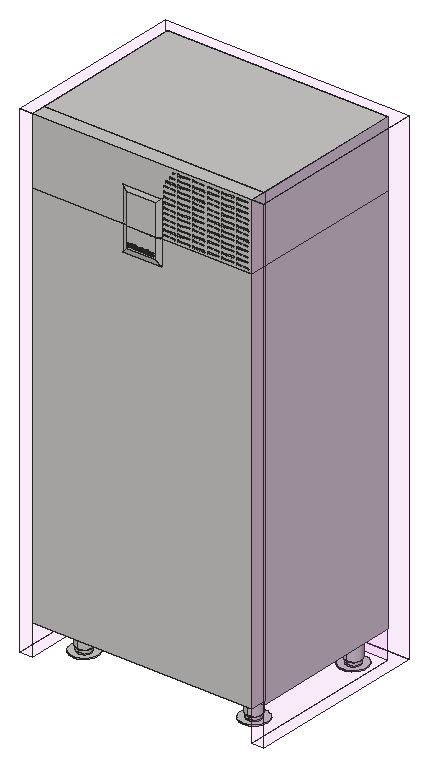
Revit family "QF_ELECTROLUXPROFESSIONAL_691392_PS06R1FMHC", category Specialty Equipment, Revit 2021
Family settings
  Round Connector Dimension = Use Diameter
  Part Type = Normal
  Work Plane-Based = No
  Always vertical = Yes
  Cut with Voids When Loaded = No
  Shared = No
  Room Calculation Point = No
Parameters (values of type "Standard")
  Weight = 140.00 lbm
  Watts = 0 W
  Volts = 220 V
  URL Manufacturer = "http://www.electroluxprofessional.com"
  URL = "http://www.electroluxprofessional.com"
  Steam Supply Size = 0"
  Steam Supply Minimum Pressure = 0.00 psi
  Steam Supply Maximum Pressure = 0.00 psi
  Steam Pounds per Hour = 0
  Show Clearance [instance] = yes
  Refrigeration Suction Line Size = 0"
  Refrigeration Liquid Line Size = 0"
  Refrigerant Compressor Remote = yes
  Phase = 1
  Model = "PS06R1FMHC"
  Manufacturer = "Electrolux Professional"
  Length Actual = 900 mm
  Item Number = "691392"
  Hot Water Size = 0"
  Height Actual = 2040 mm
  HP = "0.4 HP"
  Gas Size = 0"
  Gas KW = 0
  Gas Input Pressure = 0.0 Btu/h
  Direct Waste Size = 0"
  Description = "1-DOOR REFRIGERATOR 720L, 0/+10°, PROSTORE, R290, 50/60HZ, MARINE"
  Depth Actual = 700 mm
  Default Elevation = 0 mm
  Cycle = 50 Hz
  Condensate Return Size = 0"
  Compressed Air Volume = 0 GPM
  Compressed Air Size = 0"
  Compressed Air Pressure = 0.00 psi
  Cold Water Size = 0"
  Accessory = no
Reference planes
  plane 1 "BACK": y = 0
  plane 2: z = 0
  plane 3 "LEFT": x = 0
  plane 4 "RIGHT": x = 900
  plane 5 "FRONT": y = -700
  plane 6 "TOP": z = 2040
  plane 7 "Center Y": x = 450
  plane 8 "Center X": y = -350
  plane 9: x = 102
  plane 10: x = 798
  plane 11: z = 115
  plane 12: z = 86
  plane 13: y = -80
  plane 14: y = -694
  plane 15: y = -1527
  plane 16: y = -630
  plane 17: z = 1770
  plane 18: x = -50
  plane 19: y = 50
  plane 20: x = 950
  plane 21: z = 1995
Forms (mm)
  Extrusion 1, solid, material "QF_Metal - Stainless - Polished"
    sketch origin (0, 0, 0) x (1, 0, 0) y (0, 0, 1)
      loop
        line (0, 1995) -> (0, 1725) -> (900, 1725) -> (900, 1995) -> (0, 1995)
    from 0 to 630
  Extrusion 2, solid, material "QF_Metal - Stainless - Polished"
    sketch origin (0, 0, 0) x (1, 0, 0) y (0, 0, 1)
      loop
        line (0, 1725) -> (0, 115) -> (900, 115) -> (900, 1725) -> (0, 1725)
    from 0 to 630
  Extrusion 3, solid, material "QF_Metal - Stainless - Polished"
    sketch origin (-370, 0, -128) x (1, 0, 0) y (0, 0, 1)
      loop
        circle (450, 1847.083) r 20
    from -7.507 to 0
  Extrusion 4, solid, material "QF_Door-Drawer Clearances", visible <- "Show Clearance", detail levels coarse
    sketch origin (0, 0, 0) x (1, 0, 0) y (0, 1, 0)
      loop
        line (900, -694) -> (0, -694)
        arc (0, -694) -> (275.209, -1299.35) -> (900, -1527) r 859.201
        line (900, -1527) -> (900, -694)
    from 127.536 to 1725
  Extrusion 5, solid, material "QF_Metal - Stainless - Polished"
    sketch origin (0, 130.478, -45) x (1, 0, 0) y (0, 0, 1)
      loop
        line (0, 2040) -> (0, 1770) -> (900, 1770) -> (900, 2040) -> (0, 2040)
    from 760.478 to 824.478
  Extrusion 6, solid, material "QF_Metal - Stainless - Polished"
    sketch origin (0, 140, 0) x (1, 0, 0) y (0, 0, 1)
      loop
        line (0, 1725) -> (0, 127.536) -> (900, 127.536) -> (900, 1725) -> (0, 1725)
    from 834 to 770
  Revolve 7, solid, material "QF_Metal - Stainless - Polished"
    sketch origin (798, -2.833, 0) x (0, 1, 0) y (0, 0, -1)
      loop
        line (-590.954, -115) -> (-553.167, -115) -> (-553.167, 0) -> (-578.757, 0)
        arc (-578.757, 0) -> (-580.973, -2.655) -> (-581.767, -6.021) r 7.527
        line (-581.767, -6.021) -> (-581.767, -17.561) -> (-585.28, -21.074) -> (-585.28, -110.008) -> (-590.954, -110.008) -> (-590.954, -115)
      axis (-553.167, 0) -> (-553.167, -115)
    angle from 0 to 360
  Revolve 8, solid, material "QF_Metal - Stainless - Polished"
    sketch origin (102, -2.833, 0) x (0, 1, 0) y (0, 0, 1)
      loop
        line (-590.954, 115) -> (-590.954, 110.008) -> (-585.28, 110.008) -> (-585.28, 21.074) -> (-581.767, 17.561) -> (-581.767, 6.021)
        arc (-581.767, 6.021) -> (-580.973, 2.655) -> (-578.757, 0) r 7.527
        line (-578.757, 0) -> (-553.167, 0) -> (-553.167, 115) -> (-590.954, 115)
      axis (-553.167, 0) -> (-553.167, 115)
    angle from 0 to 360
  Revolve 9, solid, material "QF_Metal - Stainless - Polished"
    sketch origin (824, -759.167, 0) x (0, -1, 0) y (0, 0, 1)
      loop
        line (-716.954, 115) -> (-716.954, 110.008) -> (-711.28, 110.008) -> (-711.28, 21.074) -> (-707.767, 17.561) -> (-707.767, 6.021)
        arc (-707.767, 6.021) -> (-706.973, 2.655) -> (-704.757, 0) r 7.527
        line (-704.757, 0) -> (-679.167, 0) -> (-679.167, 115) -> (-716.954, 115)
      axis (-679.167, 0) -> (-679.167, 115)
    angle from 0 to 360
  Revolve 10, solid, material "QF_Metal - Stainless - Polished"
    sketch origin (76, -759.167, 0) x (0, -1, 0) y (0, 0, 1)
      loop
        line (-716.954, 115) -> (-716.954, 110.008) -> (-711.28, 110.008) -> (-711.28, 21.074) -> (-707.767, 17.561) -> (-707.767, 6.021)
        arc (-707.767, 6.021) -> (-706.973, 2.655) -> (-704.757, 0) r 7.527
        line (-704.757, 0) -> (-679.167, 0) -> (-679.167, 115) -> (-716.954, 115)
      axis (-679.167, 0) -> (-679.167, 115)
    angle from 0 to 360
  Blend 11, solid, material "QF_Metal - Stainless - Polished"
    base sketch origin (0, -694, 0) x (1, 0, 0) y (0, 0, 1)
      loop
        line (370, 1869.822) -> (370, 1619.822) -> (530, 1619.822) -> (530, 1869.822) -> (370, 1869.822)
    top sketch origin (0, -694, 0) x (1, 0, 0) y (0, 0, 1)
      loop
        line (510, 1849.822) -> (390, 1849.822) -> (390, 1639.822) -> (510, 1639.822) -> (510, 1849.822)
    from 0 to 6
  Extrusion 12, void
    sketch origin (10, -700, 0) x (-1, 0, 0) y (0, 0, 1)
      loop
        line (-370, 1725.997) -> (-530, 1725.997) -> (-530, 1724.003) -> (-370, 1724.003) -> (-370, 1725.997)
    from 0 to 6
  Extrusion 13, solid, material "QF_Door-Drawer Clearances"
    sketch origin (0, 0, 0) x (1, 0, 0) y (0, 1, 0)
      loop
        line (0, -694) -> (0, 0) -> (900, 0) -> (900, -694) -> (950, -694) -> (950, 50) -> (-50, 50) -> (-50, -694) -> (0, -694)
    from 0 to 1995
  Extrusion 14, solid, material "QF_Metal - Stainless - Polished"
    sketch origin (102, -556, 0) x (0, -1, 0) y (-1, 0, 0)
      loop
        circle (0, 0) r 55.59
    from 0 to -1.917
  Extrusion 15, solid, material "QF_Metal - Stainless - Polished"
    sketch origin (76, -80, 0) x (0, -1, 0) y (-1, 0, 0)
      loop
        circle (0, 0) r 55.59
    from 0 to -1.917
  Extrusion 16, solid, material "QF_Metal - Stainless - Polished"
    sketch origin (798, -556, 0) x (0, 1, 0) y (1, 0, 0)
      loop
        circle (0, 0) r 55.59
    from 0 to -1.917
  Extrusion 17, solid, material "QF_Metal - Stainless - Polished"
    sketch origin (824, -80, 0) x (0, 1, 0) y (1, 0, 0)
      loop
        circle (0, 0) r 55.59
    from 0 to -1.917
  Extrusion 18, void
    sketch origin (-140, -700, 0) x (-1, 0, 0) y (0, 0, 1)
      loop
        line (-370, 1725.997) -> (-530, 1725.997) -> (-530, 1724.003) -> (-370, 1724.003) -> (-370, 1725.997)
    from 0 to 6
  Extrusion 19, void
    sketch origin (300, -694, -45) x (-1, 0, 0) y (0, 0, 1)
      loop
        line (-537.804, 1788.817) -> (-587.804, 1788.817) -> (-587.804, 1780.817) -> (-537.804, 1780.817) -> (-537.804, 1788.817)
      loop
        line (-477.804, 1788.817) -> (-527.804, 1788.817) -> (-527.804, 1780.817) -> (-477.804, 1780.817) -> (-477.804, 1788.817)
      loop
        line (-417.804, 1788.817) -> (-467.804, 1788.817) -> (-467.804, 1780.817) -> (-417.804, 1780.817) -> (-417.804, 1788.817)
    from 0 to 2
  Extrusion 20, void
    sketch origin (300, -694, 195) x (-1, 0, 0) y (0, 0, 1)
      loop
        line (-537.804, 1788.817) -> (-587.804, 1788.817) -> (-587.804, 1780.817) -> (-537.804, 1780.817) -> (-537.804, 1788.817)
      loop
        line (-477.804, 1788.817) -> (-527.804, 1788.817) -> (-527.804, 1780.817) -> (-477.804, 1780.817) -> (-477.804, 1788.817)
      loop
        line (-417.804, 1788.817) -> (-467.804, 1788.817) -> (-467.804, 1780.817) -> (-417.804, 1780.817) -> (-417.804, 1788.817)
    from 0 to 2
  Extrusion 21, void
    sketch origin (300, -694, -25) x (-1, 0, 0) y (0, 0, 1)
      loop
        line (-537.804, 1788.817) -> (-587.804, 1788.817) -> (-587.804, 1780.817) -> (-537.804, 1780.817) -> (-537.804, 1788.817)
      loop
        line (-477.804, 1788.817) -> (-527.804, 1788.817) -> (-527.804, 1780.817) -> (-477.804, 1780.817) -> (-477.804, 1788.817)
      loop
        line (-417.804, 1788.817) -> (-467.804, 1788.817) -> (-467.804, 1780.817) -> (-417.804, 1780.817) -> (-417.804, 1788.817)
    from 0 to 2
  Extrusion 22, void
    sketch origin (300, -694, -5) x (-1, 0, 0) y (0, 0, 1)
      loop
        line (-537.804, 1788.817) -> (-587.804, 1788.817) -> (-587.804, 1780.817) -> (-537.804, 1780.817) -> (-537.804, 1788.817)
      loop
        line (-477.804, 1788.817) -> (-527.804, 1788.817) -> (-527.804, 1780.817) -> (-477.804, 1780.817) -> (-477.804, 1788.817)
      loop
        line (-417.804, 1788.817) -> (-467.804, 1788.817) -> (-467.804, 1780.817) -> (-417.804, 1780.817) -> (-417.804, 1788.817)
    from 0 to 2
  Extrusion 23, void
    sketch origin (300, -694, 15) x (-1, 0, 0) y (0, 0, 1)
      loop
        line (-537.804, 1788.817) -> (-587.804, 1788.817) -> (-587.804, 1780.817) -> (-537.804, 1780.817) -> (-537.804, 1788.817)
      loop
        line (-477.804, 1788.817) -> (-527.804, 1788.817) -> (-527.804, 1780.817) -> (-477.804, 1780.817) -> (-477.804, 1788.817)
      loop
        line (-417.804, 1788.817) -> (-467.804, 1788.817) -> (-467.804, 1780.817) -> (-417.804, 1780.817) -> (-417.804, 1788.817)
    from 0 to 2
  Extrusion 24, void
    sketch origin (300, -694, 35) x (-1, 0, 0) y (0, 0, 1)
      loop
        line (-537.804, 1788.817) -> (-587.804, 1788.817) -> (-587.804, 1780.817) -> (-537.804, 1780.817) -> (-537.804, 1788.817)
      loop
        line (-477.804, 1788.817) -> (-527.804, 1788.817) -> (-527.804, 1780.817) -> (-477.804, 1780.817) -> (-477.804, 1788.817)
      loop
        line (-417.804, 1788.817) -> (-467.804, 1788.817) -> (-467.804, 1780.817) -> (-417.804, 1780.817) -> (-417.804, 1788.817)
    from 0 to 2
  Extrusion 25, void
    sketch origin (300, -694, 55) x (-1, 0, 0) y (0, 0, 1)
      loop
        line (-537.804, 1788.817) -> (-587.804, 1788.817) -> (-587.804, 1780.817) -> (-537.804, 1780.817) -> (-537.804, 1788.817)
      loop
        line (-477.804, 1788.817) -> (-527.804, 1788.817) -> (-527.804, 1780.817) -> (-477.804, 1780.817) -> (-477.804, 1788.817)
      loop
        line (-417.804, 1788.817) -> (-467.804, 1788.817) -> (-467.804, 1780.817) -> (-417.804, 1780.817) -> (-417.804, 1788.817)
    from 0 to 2
  Extrusion 26, void
    sketch origin (300, -694, 75) x (-1, 0, 0) y (0, 0, 1)
      loop
        line (-537.804, 1788.817) -> (-587.804, 1788.817) -> (-587.804, 1780.817) -> (-537.804, 1780.817) -> (-537.804, 1788.817)
      loop
        line (-477.804, 1788.817) -> (-527.804, 1788.817) -> (-527.804, 1780.817) -> (-477.804, 1780.817) -> (-477.804, 1788.817)
      loop
        line (-417.804, 1788.817) -> (-467.804, 1788.817) -> (-467.804, 1780.817) -> (-417.804, 1780.817) -> (-417.804, 1788.817)
    from 0 to 2
  Extrusion 27, void
    sketch origin (300, -694, 95) x (-1, 0, 0) y (0, 0, 1)
      loop
        line (-537.804, 1788.817) -> (-587.804, 1788.817) -> (-587.804, 1780.817) -> (-537.804, 1780.817) -> (-537.804, 1788.817)
      loop
        line (-477.804, 1788.817) -> (-527.804, 1788.817) -> (-527.804, 1780.817) -> (-477.804, 1780.817) -> (-477.804, 1788.817)
      loop
        line (-417.804, 1788.817) -> (-467.804, 1788.817) -> (-467.804, 1780.817) -> (-417.804, 1780.817) -> (-417.804, 1788.817)
    from 0 to 2
  Extrusion 28, void
    sketch origin (300, -694, 115) x (-1, 0, 0) y (0, 0, 1)
      loop
        line (-537.804, 1788.817) -> (-587.804, 1788.817) -> (-587.804, 1780.817) -> (-537.804, 1780.817) -> (-537.804, 1788.817)
      loop
        line (-477.804, 1788.817) -> (-527.804, 1788.817) -> (-527.804, 1780.817) -> (-477.804, 1780.817) -> (-477.804, 1788.817)
      loop
        line (-417.804, 1788.817) -> (-467.804, 1788.817) -> (-467.804, 1780.817) -> (-417.804, 1780.817) -> (-417.804, 1788.817)
    from 0 to 2
  Extrusion 29, void
    sketch origin (300, -694, 135) x (-1, 0, 0) y (0, 0, 1)
      loop
        line (-537.804, 1788.817) -> (-587.804, 1788.817) -> (-587.804, 1780.817) -> (-537.804, 1780.817) -> (-537.804, 1788.817)
      loop
        line (-477.804, 1788.817) -> (-527.804, 1788.817) -> (-527.804, 1780.817) -> (-477.804, 1780.817) -> (-477.804, 1788.817)
      loop
        line (-417.804, 1788.817) -> (-467.804, 1788.817) -> (-467.804, 1780.817) -> (-417.804, 1780.817) -> (-417.804, 1788.817)
    from 0 to 2
  Extrusion 30, void
    sketch origin (300, -694, 155) x (-1, 0, 0) y (0, 0, 1)
      loop
        line (-537.804, 1788.817) -> (-587.804, 1788.817) -> (-587.804, 1780.817) -> (-537.804, 1780.817) -> (-537.804, 1788.817)
      loop
        line (-477.804, 1788.817) -> (-527.804, 1788.817) -> (-527.804, 1780.817) -> (-477.804, 1780.817) -> (-477.804, 1788.817)
      loop
        line (-417.804, 1788.817) -> (-467.804, 1788.817) -> (-467.804, 1780.817) -> (-417.804, 1780.817) -> (-417.804, 1788.817)
    from 0 to 2
  Extrusion 31, void
    sketch origin (300, -694, 175) x (-1, 0, 0) y (0, 0, 1)
      loop
        line (-537.804, 1788.817) -> (-587.804, 1788.817) -> (-587.804, 1780.817) -> (-537.804, 1780.817) -> (-537.804, 1788.817)
      loop
        line (-477.804, 1788.817) -> (-527.804, 1788.817) -> (-527.804, 1780.817) -> (-477.804, 1780.817) -> (-477.804, 1788.817)
      loop
        line (-417.804, 1788.817) -> (-467.804, 1788.817) -> (-467.804, 1780.817) -> (-417.804, 1780.817) -> (-417.804, 1788.817)
    from 0 to 2
  Extrusion 32, void
    sketch origin (120, -694, -45) x (-1, 0, 0) y (0, 0, 1)
      loop
        line (-537.804, 1788.817) -> (-587.804, 1788.817) -> (-587.804, 1780.817) -> (-537.804, 1780.817) -> (-537.804, 1788.817)
      loop
        line (-477.804, 1788.817) -> (-527.804, 1788.817) -> (-527.804, 1780.817) -> (-477.804, 1780.817) -> (-477.804, 1788.817)
      loop
        line (-417.804, 1788.817) -> (-467.804, 1788.817) -> (-467.804, 1780.817) -> (-417.804, 1780.817) -> (-417.804, 1788.817)
    from 0 to 2
  Extrusion 33, void
    sketch origin (120, -694, 195) x (-1, 0, 0) y (0, 0, 1)
      loop
        line (-537.804, 1788.817) -> (-587.804, 1788.817) -> (-587.804, 1780.817) -> (-537.804, 1780.817) -> (-537.804, 1788.817)
      loop
        line (-477.804, 1788.817) -> (-527.804, 1788.817) -> (-527.804, 1780.817) -> (-477.804, 1780.817) -> (-477.804, 1788.817)
      loop
        line (-453.929, 1788.817) -> (-467.804, 1788.817) -> (-467.804, 1780.817) -> (-453.929, 1780.817) -> (-453.929, 1788.817)
    from 0 to 2
  Extrusion 34, void
    sketch origin (120, -694, -25) x (-1, 0, 0) y (0, 0, 1)
      loop
        line (-537.804, 1788.817) -> (-587.804, 1788.817) -> (-587.804, 1780.817) -> (-537.804, 1780.817) -> (-537.804, 1788.817)
      loop
        line (-477.804, 1788.817) -> (-527.804, 1788.817) -> (-527.804, 1780.817) -> (-477.804, 1780.817) -> (-477.804, 1788.817)
      loop
        line (-417.804, 1788.817) -> (-467.804, 1788.817) -> (-467.804, 1780.817) -> (-417.804, 1780.817) -> (-417.804, 1788.817)
    from 0 to 2
  Extrusion 35, void
    sketch origin (120, -694, -5) x (-1, 0, 0) y (0, 0, 1)
      loop
        line (-537.804, 1788.817) -> (-587.804, 1788.817) -> (-587.804, 1780.817) -> (-537.804, 1780.817) -> (-537.804, 1788.817)
      loop
        line (-477.804, 1788.817) -> (-527.804, 1788.817) -> (-527.804, 1780.817) -> (-477.804, 1780.817) -> (-477.804, 1788.817)
      loop
        line (-417.804, 1788.817) -> (-467.804, 1788.817) -> (-467.804, 1780.817) -> (-417.804, 1780.817) -> (-417.804, 1788.817)
    from 0 to 2
  Extrusion 36, void
    sketch origin (120, -694, 15) x (-1, 0, 0) y (0, 0, 1)
      loop
        line (-537.804, 1788.817) -> (-587.804, 1788.817) -> (-587.804, 1780.817) -> (-537.804, 1780.817) -> (-537.804, 1788.817)
      loop
        line (-477.804, 1788.817) -> (-527.804, 1788.817) -> (-527.804, 1780.817) -> (-477.804, 1780.817) -> (-477.804, 1788.817)
      loop
        line (-417.804, 1788.817) -> (-467.804, 1788.817) -> (-467.804, 1780.817) -> (-417.804, 1780.817) -> (-417.804, 1788.817)
    from 0 to 2
  Extrusion 37, void
    sketch origin (120, -694, 35) x (-1, 0, 0) y (0, 0, 1)
      loop
        line (-537.804, 1788.817) -> (-587.804, 1788.817) -> (-587.804, 1780.817) -> (-537.804, 1780.817) -> (-537.804, 1788.817)
      loop
        line (-477.804, 1788.817) -> (-527.804, 1788.817) -> (-527.804, 1780.817) -> (-477.804, 1780.817) -> (-477.804, 1788.817)
      loop
        line (-417.804, 1788.817) -> (-467.804, 1788.817) -> (-467.804, 1780.817) -> (-417.804, 1780.817) -> (-417.804, 1788.817)
    from 0 to 2
  Extrusion 38, void
    sketch origin (120, -694, 55) x (-1, 0, 0) y (0, 0, 1)
      loop
        line (-537.804, 1788.817) -> (-587.804, 1788.817) -> (-587.804, 1780.817) -> (-537.804, 1780.817) -> (-537.804, 1788.817)
      loop
        line (-477.804, 1788.817) -> (-527.804, 1788.817) -> (-527.804, 1780.817) -> (-477.804, 1780.817) -> (-477.804, 1788.817)
      loop
        line (-417.804, 1788.817) -> (-467.804, 1788.817) -> (-467.804, 1780.817) -> (-417.804, 1780.817) -> (-417.804, 1788.817)
    from 0 to 2
  Extrusion 39, void
    sketch origin (120, -694, 75) x (-1, 0, 0) y (0, 0, 1)
      loop
        line (-537.804, 1788.817) -> (-587.804, 1788.817) -> (-587.804, 1780.817) -> (-537.804, 1780.817) -> (-537.804, 1788.817)
      loop
        line (-477.804, 1788.817) -> (-527.804, 1788.817) -> (-527.804, 1780.817) -> (-477.804, 1780.817) -> (-477.804, 1788.817)
      loop
        line (-417.804, 1788.817) -> (-467.804, 1788.817) -> (-467.804, 1780.817) -> (-417.804, 1780.817) -> (-417.804, 1788.817)
    from 0 to 2
  Extrusion 40, void
    sketch origin (120, -694, 95) x (-1, 0, 0) y (0, 0, 1)
      loop
        line (-537.804, 1788.817) -> (-587.804, 1788.817) -> (-587.804, 1780.817) -> (-537.804, 1780.817) -> (-537.804, 1788.817)
      loop
        line (-477.804, 1788.817) -> (-527.804, 1788.817) -> (-527.804, 1780.817) -> (-477.804, 1780.817) -> (-477.804, 1788.817)
      loop
        line (-417.804, 1788.817) -> (-467.804, 1788.817) -> (-467.804, 1780.817) -> (-417.804, 1780.817) -> (-417.804, 1788.817)
    from 0 to 2
  Extrusion 41, void
    sketch origin (120, -694, 115) x (-1, 0, 0) y (0, 0, 1)
      loop
        line (-537.804, 1788.817) -> (-587.804, 1788.817) -> (-587.804, 1780.817) -> (-537.804, 1780.817) -> (-537.804, 1788.817)
      loop
        line (-477.804, 1788.817) -> (-527.804, 1788.817) -> (-527.804, 1780.817) -> (-477.804, 1780.817) -> (-477.804, 1788.817)
      loop
        line (-417.804, 1788.817) -> (-467.804, 1788.817) -> (-467.804, 1780.817) -> (-417.804, 1780.817) -> (-417.804, 1788.817)
    from 0 to 2
  Extrusion 42, void
    sketch origin (120, -694, 135) x (-1, 0, 0) y (0, 0, 1)
      loop
        line (-537.804, 1788.817) -> (-587.804, 1788.817) -> (-587.804, 1780.817) -> (-537.804, 1780.817) -> (-537.804, 1788.817)
      loop
        line (-477.804, 1788.817) -> (-527.804, 1788.817) -> (-527.804, 1780.817) -> (-477.804, 1780.817) -> (-477.804, 1788.817)
      loop
        line (-417.804, 1788.817) -> (-467.804, 1788.817) -> (-467.804, 1780.817) -> (-417.804, 1780.817) -> (-417.804, 1788.817)
    from 0 to 2
  Extrusion 43, void
    sketch origin (120, -694, 155) x (-1, 0, 0) y (0, 0, 1)
      loop
        line (-537.804, 1788.817) -> (-587.804, 1788.817) -> (-587.804, 1780.817) -> (-537.804, 1780.817) -> (-537.804, 1788.817)
      loop
        line (-477.804, 1788.817) -> (-527.804, 1788.817) -> (-527.804, 1780.817) -> (-477.804, 1780.817) -> (-477.804, 1788.817)
      loop
        line (-426.702, 1788.817) -> (-467.804, 1788.817) -> (-467.804, 1780.817) -> (-426.702, 1780.817) -> (-426.702, 1788.817)
    from 0 to 2
  Extrusion 44, void
    sketch origin (120, -694, 175) x (-1, 0, 0) y (0, 0, 1)
      loop
        line (-537.804, 1788.817) -> (-587.804, 1788.817) -> (-587.804, 1780.817) -> (-537.804, 1780.817) -> (-537.804, 1788.817)
      loop
        line (-477.804, 1788.817) -> (-527.804, 1788.817) -> (-527.804, 1780.817) -> (-477.804, 1780.817) -> (-477.804, 1788.817)
      loop
        line (-441.24, 1788.817) -> (-467.804, 1788.817) -> (-467.804, 1780.817) -> (-441.24, 1780.817) -> (-441.24, 1788.817)
    from 0 to 2
Cuts and joins
  Extrusion 12 cuts Extrusion 1
  Extrusion 12 cuts Extrusion 2
  Extrusion 12, Extrusion 18, Extrusion 19, Extrusion 20, Extrusion 21, Extrusion 22, Extrusion 23, Extrusion 24, Extrusion 25, Extrusion 26, Extrusion 27, Extrusion 28, Extrusion 29, Extrusion 30, Extrusion 31, Extrusion 32, Extrusion 33, Extrusion 34, Extrusion 35, Extrusion 36, Extrusion 37, Extrusion 38, Extrusion 39, Extrusion 40, Extrusion 41, Extrusion 42, Extrusion 43, Extrusion 44 cuts Extrusion 5
  Extrusion 12, Extrusion 18 cuts Extrusion 6
  Extrusion 12, Extrusion 18, Extrusion 19, Extrusion 21, Extrusion 22, Extrusion 23, Extrusion 24, Extrusion 25, Extrusion 26 cuts Blend 11
  Extrusion 18 cuts Extrusion 4
Lines and regions (mm)
  Split face 1
    outline origin (0, -700, 0) x (1, 0, 0) y (0, 0, 1)
      loop
        line (415, 1849.822) -> (415, 1697.499) -> (485, 1697.499) -> (485, 1849.822)
  symbolic lines
    curve 1: line (0, 0, 0) -> (900, 0, 0)
    curve 2: line (0, -694, 0) -> (0, 0, 0)
    curve 3: line (900, -694, 0) -> (0, -694, 0)
    curve 4: line (900, 0, 0) -> (900, -694, 0)
    curve 5: line (0, -630, 0) -> (900, -630, 0)
    curve 6: line (370, -694, 0) -> (390, -700, 0)
    curve 7: line (390, -700, 0) -> (510, -700, 0)
    curve 8: line (510, -700, 0) -> (530, -694, 0)
  symbolic lines, style "QF_Door-Drawer Clearances"
    curve 9: arc (0, -694, 0) -> (275.209, -1299.35, 0) -> (900, -1527, 0) r 859.201
    curve 10: line (900, -1527, 0) -> (900, -694, 0)
    curve 11: line (0, -694, 0) -> (-50, -694, 0)
    curve 12: line (-50, -694, 0) -> (-50, 50, 0)
    curve 13: line (-50, 50, 0) -> (950, 50, 0)
    curve 14: line (950, 50, 0) -> (950, -694, 0)
    curve 15: line (950, -694, 0) -> (900, -694, 0)
Dimensions and locks
  equal spacing: plane 3 "LEFT", plane 7 "Center Y", plane 4 "RIGHT"
  plane 3 "LEFT" to plane 4 "RIGHT" = 900 mm
  equal spacing: plane 5 "FRONT", plane 8 "Center X", plane 1 "BACK"
  plane 5 "FRONT" to plane 1 "BACK" = 700 mm
  plane 6 "TOP" to level = 2040 mm
  plane 9 to plane 3 "LEFT" = 102 mm
  plane 10 to plane 4 "RIGHT" = 102 mm
  plane 10 to plane 9 = 696 mm
  plane 11 to level = 115 mm
  plane 12 to plane 11 = 29 mm
  plane 1 "BACK" to plane 13 = 80 mm
  plane 15 to plane 1 "BACK" = 1527 mm
  plane 3 "LEFT" to Extrusion 4 = 900 mm
  plane 11 to plane 2 = 115 mm
  plane 1 "BACK" to plane 16 = 630 mm
  plane 18 to plane 3 "LEFT" = 50 mm
  plane 4 "RIGHT" to plane 20 = 50 mm
  plane 1 "BACK" to plane 19 = 50 mm
  plane 21 to level = 1995 mm
  aligned and locked: level to plane 2
  aligned and locked: Extrusion 5 to plane 4 "RIGHT"
  aligned and locked: Extrusion 5 to plane 3 "LEFT"
  aligned and locked: plane 5 "FRONT" to Blend 11
Automatic sketch dimensions
  curve 13 to plane 18 = 0 mm
  curve 3 to plane 3 "LEFT" = 0 mm
  plane 14 to curve 6 = 0 mm
  plane 5 "FRONT" to curve 7 = 0 mm
  curve 9 to plane 4 "RIGHT" = 0 mm
  curve 5 to plane 4 "RIGHT" = 0 mm
  curve 14 to plane 20 = 0 mm
  curve 10 to plane 15 = 0 mm
  curve 5 to plane 16 = 0 mm
  plane 1 "BACK" to curve 4 = 0 mm
  curve 13 to plane 19 = 0 mm
  curve 7 to plane 7 "Center Y" = 60 mm
  plane 7 "Center Y" to curve 8 = 60 mm
  curve 9 to plane 14 = 25.214 mm
  curve 6 to curve 6 = 20 mm
  curve 7 to curve 8 = 20 mm
  Extrusion 1 sketch curve to plane 3 "LEFT" = 0 mm
  plane 4 "RIGHT" to Extrusion 1 sketch curve = 0 mm
  Extrusion 1 sketch curve to plane 21 = 0 mm
  Extrusion 1 sketch curve to plane 17 = 45 mm
  Extrusion 2 sketch curve to plane 3 "LEFT" = 0 mm
  plane 4 "RIGHT" to Extrusion 2 sketch curve = 0 mm
  Extrusion 2 sketch curve to plane 11 = 0 mm
  Extrusion 2 sketch curve to plane 17 = 45 mm
  Extrusion 3 sketch curve to plane 9 = 22 mm
  Extrusion 3 sketch curve to plane 17 = 50.917 mm
  Extrusion 4 sketch curve to plane 3 "LEFT" = 0 mm
  Extrusion 4 sketch curve to plane 4 "RIGHT" = 0 mm
  Extrusion 4 sketch curve to plane 15 = 0 mm
  plane 14 to Extrusion 4 sketch curve = 0 mm
  Extrusion 4 sketch curve to plane 14 = 25.214 mm
  Extrusion 5 sketch curve to plane 3 "LEFT" = 0 mm
  plane 4 "RIGHT" to Extrusion 5 sketch curve = 0 mm
  Extrusion 5 sketch curve to plane 21 = 0 mm
  Extrusion 5 sketch curve to plane 17 = 45 mm
  Extrusion 6 sketch curve to plane 3 "LEFT" = 0 mm
  plane 4 "RIGHT" to Extrusion 6 sketch curve = 0 mm
  plane 11 to Extrusion 6 sketch curve = 12.536 mm
  Extrusion 6 sketch curve to plane 17 = 45 mm
  plane 11 to Revolve 7 sketch curve = 0 mm
  Revolve 7 sketch curve to level = 0 mm
  plane 16 to Revolve 7 sketch curve = 36.213 mm
  Revolve 7 sketch curve to Revolve 7 sketch curve = 5.674 mm
  Revolve 7 sketch curve to Revolve 7 sketch curve = 3.513 mm  (x2)
  Revolve 7 sketch curve to Revolve 7 sketch curve = 3.01 mm
  level to Revolve 7 sketch curve = 6.021 mm
  Revolve 7 sketch curve to Revolve 7 sketch curve = 21.073 mm
  Revolve 7 sketch curve to plane 11 = 4.992 mm  (x2)
  Revolve 7 sketch curve to Revolve 7 sketch curve = 15.053 mm
  Revolve 7 sketch curve to Revolve 7 sketch curve = 0 mm
  Revolve 7 sketch curve to Revolve 7 sketch curve = 20.008 mm
  Revolve 8 sketch curve to plane 11 = 0 mm
  Revolve 8 sketch curve to level = 0 mm
  plane 16 to Revolve 8 sketch curve = 36.213 mm
  Revolve 8 sketch curve to Revolve 8 sketch curve = 5.674 mm
  Revolve 8 sketch curve to Revolve 8 sketch curve = 3.513 mm  (x2)
  Revolve 8 sketch curve to Revolve 8 sketch curve = 3.01 mm
  level to Revolve 8 sketch curve = 6.021 mm
  Revolve 8 sketch curve to Revolve 8 sketch curve = 21.073 mm
  Revolve 8 sketch curve to Revolve 8 sketch curve = 11.54 mm
  Revolve 8 sketch curve to plane 11 = 4.992 mm
  Revolve 8 sketch curve to Revolve 8 sketch curve = 0 mm
  Revolve 8 sketch curve to Revolve 8 sketch curve = 4.992 mm
  plane 11 to Revolve 8 sketch curve = 20.008 mm
  Revolve 9 sketch curve to plane 11 = 0 mm
  Revolve 9 sketch curve to level = 0 mm
  Revolve 9 sketch curve to plane 13 = 0 mm  (x2)
  level to Revolve 9 sketch curve = 6.021 mm
  Revolve 9 sketch curve to plane 13 = 21.073 mm
  Revolve 9 sketch curve to Revolve 9 sketch curve = 4.517 mm
  Revolve 9 sketch curve to Revolve 9 sketch curve = 3.513 mm  (x2)
  Revolve 9 sketch curve to Revolve 9 sketch curve = 5.674 mm
  Revolve 9 sketch curve to Revolve 9 sketch curve = 11.54 mm
  Revolve 9 sketch curve to plane 11 = 4.992 mm
  Revolve 9 sketch curve to Revolve 9 sketch curve = 4.992 mm
  plane 11 to Revolve 9 sketch curve = 20.008 mm
  Revolve 10 sketch curve to plane 11 = 0 mm
  Revolve 10 sketch curve to level = 0 mm
  Revolve 10 sketch curve to plane 13 = 0 mm  (x2)
  Revolve 10 sketch curve to level = 6.021 mm
  plane 13 to Revolve 10 sketch curve = 21.073 mm
  Revolve 10 sketch curve to Revolve 10 sketch curve = 4.517 mm
  Revolve 10 sketch curve to Revolve 10 sketch curve = 3.513 mm  (x2)
  Revolve 10 sketch curve to Revolve 10 sketch curve = 5.674 mm
  Revolve 10 sketch curve to Revolve 10 sketch curve = 11.54 mm
  plane 11 to Revolve 10 sketch curve = 4.992 mm  (x2)
  Revolve 10 sketch curve to Revolve 10 sketch curve = 20.008 mm
  Blend 11 sketch curve to Extrusion 6 = 105.178 mm
  Blend 11 sketch curve to Extrusion 6 = 370 mm
  Blend 11 sketch curve to Blend 11 sketch curve = 160 mm
  Extrusion 6 to Blend 11 sketch curve = 144.822 mm
  Extrusion 6 to Blend 11 sketch curve = 124.822 mm
  Blend 11 sketch curve to Extrusion 6 = 390 mm
  Blend 11 sketch curve to Blend 11 sketch curve = 120 mm
  Blend 11 sketch curve to Extrusion 6 = 85.178 mm
  Split face 1 sketch curve to Blend 11 = 0 mm  (x2)
  Split face 1 sketch curve to Blend 11 = 25 mm  (x2)
  Split face 1 sketch curve to Blend 11 = 57.677 mm
  Extrusion 12 sketch curve to Blend 11 = 30 mm
  Extrusion 12 sketch curve to Blend 11 = 10 mm
  Blend 11 to Extrusion 12 sketch curve = 84.181 mm
  Extrusion 12 sketch curve to Extrusion 12 sketch curve = 1.995 mm
  plane 14 to Extrusion 13 sketch curve = 0 mm  (x2)
  Extrusion 13 sketch curve to plane 18 = 0 mm
  Extrusion 13 sketch curve to plane 3 "LEFT" = 0 mm
  Extrusion 13 sketch curve to plane 4 "RIGHT" = 0 mm
  Extrusion 13 sketch curve to plane 19 = 0 mm
  Extrusion 13 sketch curve to plane 20 = 0 mm
  plane 1 "BACK" to Extrusion 13 sketch curve = 0 mm
  Extrusion 14 sketch curve to Extrusion 14 sketch curve = 0 mm  (x2)
  Extrusion 14 sketch curve to plane 9 = 0 mm
  plane 16 to Extrusion 14 sketch curve = 74 mm
  Extrusion 14 sketch curve to Extrusion 14 sketch curve = 55.59 mm
  Extrusion 15 sketch curve to Extrusion 15 sketch curve = 0 mm  (x2)
  plane 13 to Extrusion 15 sketch curve = 0 mm
  Extrusion 15 sketch curve to plane 9 = 26 mm
  plane 1 "BACK" to Extrusion 15 sketch curve = 24.41 mm
  Extrusion 16 sketch curve to Extrusion 16 sketch curve = 0 mm  (x2)
  Extrusion 16 sketch curve to plane 10 = 0 mm
  plane 16 to Extrusion 16 sketch curve = 74 mm
  plane 16 to Extrusion 16 sketch curve = 18.41 mm
  Extrusion 17 sketch curve to Extrusion 17 sketch curve = 0 mm  (x2)
  plane 13 to Extrusion 17 sketch curve = 0 mm
  Extrusion 17 sketch curve to plane 10 = 26 mm
  Extrusion 17 sketch curve to Extrusion 17 sketch curve = 55.59 mm
  Extrusion 18 sketch curve to plane 7 "Center Y" = 60 mm
  Extrusion 18 sketch curve to plane 17 = 45.997 mm
  plane 9 to Extrusion 18 sketch curve = 128 mm
  Extrusion 18 sketch curve to Extrusion 18 sketch curve = 1.995 mm
  plane 4 "RIGHT" to Extrusion 19 sketch curve = 12.196 mm
  Extrusion 19 sketch curve to plane 10 = 39.804 mm
  Extrusion 19 sketch curve to Extrusion 19 sketch curve = 10 mm  (x2)
  plane 10 to Extrusion 19 sketch curve = 20.196 mm
  Extrusion 19 sketch curve to Extrusion 19 sketch curve = 50 mm
  Extrusion 19 sketch curve to plane 17 = 34.183 mm  (x2)
  Extrusion 19 sketch curve to Extrusion 19 sketch curve = 0 mm
  Extrusion 19 sketch curve to Extrusion 19 sketch curve = 8 mm  (x3)
  plane 4 "RIGHT" to Extrusion 20 sketch curve = 12.196 mm
  Extrusion 20 sketch curve to plane 10 = 39.804 mm
  Extrusion 20 sketch curve to Extrusion 20 sketch curve = 10 mm  (x2)
  plane 10 to Extrusion 20 sketch curve = 20.196 mm
  Extrusion 20 sketch curve to Extrusion 20 sketch curve = 50 mm
  Extrusion 20 sketch curve to plane 21 = 19.183 mm  (x2)
  Extrusion 20 sketch curve to Extrusion 20 sketch curve = 0 mm
  Extrusion 20 sketch curve to Extrusion 20 sketch curve = 8 mm  (x3)
  Extrusion 21 sketch curve to plane 17 = 6.183 mm  (x3)
  plane 4 "RIGHT" to Extrusion 21 sketch curve = 12.196 mm
  Extrusion 21 sketch curve to plane 17 = 14.183 mm  (x3)
  Extrusion 21 sketch curve to plane 10 = 39.804 mm
  Extrusion 21 sketch curve to Extrusion 21 sketch curve = 10 mm  (x2)
  plane 10 to Extrusion 21 sketch curve = 20.196 mm
  Extrusion 21 sketch curve to Extrusion 21 sketch curve = 50 mm
  plane 4 "RIGHT" to Extrusion 22 sketch curve = 12.196 mm
  plane 17 to Extrusion 22 sketch curve = 5.817 mm  (x3)
  Extrusion 22 sketch curve to plane 10 = 39.804 mm
  Extrusion 22 sketch curve to Extrusion 22 sketch curve = 10 mm  (x2)
  plane 10 to Extrusion 22 sketch curve = 20.196 mm
  Extrusion 22 sketch curve to Extrusion 22 sketch curve = 50 mm
  Extrusion 22 sketch curve to Extrusion 22 sketch curve = 8 mm  (x3)
  plane 4 "RIGHT" to Extrusion 23 sketch curve = 12.196 mm
  Extrusion 23 sketch curve to plane 10 = 39.804 mm
  Extrusion 23 sketch curve to Extrusion 23 sketch curve = 10 mm  (x2)
  plane 10 to Extrusion 23 sketch curve = 20.196 mm
  Extrusion 23 sketch curve to Extrusion 23 sketch curve = 50 mm
  plane 17 to Extrusion 23 sketch curve = 25.817 mm  (x2)
  Extrusion 23 sketch curve to Extrusion 23 sketch curve = 0 mm
  Extrusion 23 sketch curve to Extrusion 23 sketch curve = 8 mm  (x3)
  plane 4 "RIGHT" to Extrusion 24 sketch curve = 12.196 mm
  Extrusion 24 sketch curve to plane 10 = 39.804 mm
  Extrusion 24 sketch curve to Extrusion 24 sketch curve = 10 mm  (x2)
  plane 10 to Extrusion 24 sketch curve = 20.196 mm
  Extrusion 24 sketch curve to Extrusion 24 sketch curve = 50 mm
  plane 17 to Extrusion 24 sketch curve = 45.817 mm  (x2)
  Extrusion 24 sketch curve to Extrusion 24 sketch curve = 0 mm
  Extrusion 24 sketch curve to Extrusion 24 sketch curve = 8 mm  (x3)
  plane 4 "RIGHT" to Extrusion 25 sketch curve = 12.196 mm
  Extrusion 25 sketch curve to plane 10 = 39.804 mm
  Extrusion 25 sketch curve to Extrusion 25 sketch curve = 10 mm  (x2)
  plane 10 to Extrusion 25 sketch curve = 20.196 mm
  Extrusion 25 sketch curve to Extrusion 25 sketch curve = 50 mm
  plane 17 to Extrusion 25 sketch curve = 65.817 mm
  Extrusion 25 sketch curve to Extrusion 25 sketch curve = 0 mm  (x2)
  Extrusion 25 sketch curve to Extrusion 25 sketch curve = 8 mm  (x3)
  plane 4 "RIGHT" to Extrusion 26 sketch curve = 12.196 mm
  Extrusion 26 sketch curve to plane 10 = 39.804 mm
  Extrusion 26 sketch curve to Extrusion 26 sketch curve = 10 mm  (x2)
  plane 10 to Extrusion 26 sketch curve = 20.196 mm
  Extrusion 26 sketch curve to Extrusion 26 sketch curve = 50 mm
  plane 17 to Extrusion 26 sketch curve = 85.817 mm
  Extrusion 26 sketch curve to Extrusion 26 sketch curve = 0 mm  (x2)
  Extrusion 26 sketch curve to Extrusion 26 sketch curve = 8 mm  (x3)
  plane 4 "RIGHT" to Extrusion 27 sketch curve = 12.196 mm
  Extrusion 27 sketch curve to plane 10 = 39.804 mm
  Extrusion 27 sketch curve to Extrusion 27 sketch curve = 10 mm  (x2)
  plane 10 to Extrusion 27 sketch curve = 20.196 mm
  Extrusion 27 sketch curve to Extrusion 27 sketch curve = 50 mm
  plane 17 to Extrusion 27 sketch curve = 105.817 mm
  Extrusion 27 sketch curve to Extrusion 27 sketch curve = 0 mm  (x2)
  Extrusion 27 sketch curve to Extrusion 27 sketch curve = 8 mm  (x3)
  plane 4 "RIGHT" to Extrusion 28 sketch curve = 12.196 mm
  Extrusion 28 sketch curve to plane 10 = 39.804 mm
  Extrusion 28 sketch curve to Extrusion 28 sketch curve = 10 mm  (x2)
  plane 10 to Extrusion 28 sketch curve = 20.196 mm
  Extrusion 28 sketch curve to Extrusion 28 sketch curve = 50 mm
  Extrusion 28 sketch curve to plane 21 = 99.183 mm
  Extrusion 28 sketch curve to Extrusion 28 sketch curve = 0 mm  (x2)
  Extrusion 28 sketch curve to Extrusion 28 sketch curve = 8 mm  (x3)
  plane 4 "RIGHT" to Extrusion 29 sketch curve = 12.196 mm
  Extrusion 29 sketch curve to plane 10 = 39.804 mm
  Extrusion 29 sketch curve to Extrusion 29 sketch curve = 10 mm  (x2)
  plane 10 to Extrusion 29 sketch curve = 20.196 mm
  Extrusion 29 sketch curve to Extrusion 29 sketch curve = 50 mm
  Extrusion 29 sketch curve to plane 21 = 79.183 mm
  Extrusion 29 sketch curve to Extrusion 29 sketch curve = 0 mm  (x2)
  Extrusion 29 sketch curve to Extrusion 29 sketch curve = 8 mm  (x3)
  plane 4 "RIGHT" to Extrusion 30 sketch curve = 12.196 mm
  Extrusion 30 sketch curve to plane 10 = 39.804 mm
  Extrusion 30 sketch curve to Extrusion 30 sketch curve = 10 mm  (x2)
  plane 10 to Extrusion 30 sketch curve = 20.196 mm
  Extrusion 30 sketch curve to Extrusion 30 sketch curve = 50 mm
  Extrusion 30 sketch curve to plane 21 = 59.183 mm
  Extrusion 30 sketch curve to Extrusion 30 sketch curve = 0 mm  (x2)
  Extrusion 30 sketch curve to Extrusion 30 sketch curve = 8 mm  (x3)
  plane 4 "RIGHT" to Extrusion 31 sketch curve = 12.196 mm
  Extrusion 31 sketch curve to plane 10 = 39.804 mm
  Extrusion 31 sketch curve to Extrusion 31 sketch curve = 10 mm  (x2)
  plane 10 to Extrusion 31 sketch curve = 20.196 mm
  Extrusion 31 sketch curve to Extrusion 31 sketch curve = 50 mm
  Extrusion 31 sketch curve to plane 21 = 39.183 mm
  Extrusion 31 sketch curve to Extrusion 31 sketch curve = 0 mm  (x2)
  Extrusion 31 sketch curve to Extrusion 31 sketch curve = 8 mm  (x3)
  Extrusion 32 sketch curve to plane 17 = 26.183 mm  (x2)
  plane 10 to Extrusion 32 sketch curve = 90.196 mm
  Extrusion 32 sketch curve to Extrusion 32 sketch curve = 50 mm  (x3)
  Extrusion 32 sketch curve to Extrusion 32 sketch curve = 10 mm  (x2)
  Extrusion 32 sketch curve to Extrusion 32 sketch curve = 0 mm
  Extrusion 32 sketch curve to Extrusion 32 sketch curve = 8 mm  (x3)
  Extrusion 33 sketch curve to plane 21 = 11.183 mm
  plane 10 to Extrusion 33 sketch curve = 90.196 mm
  Extrusion 33 sketch curve to plane 21 = 19.183 mm  (x3)
  Extrusion 33 sketch curve to Extrusion 33 sketch curve = 50 mm  (x2)
  Extrusion 33 sketch curve to Extrusion 33 sketch curve = 10 mm  (x2)
  Extrusion 33 sketch curve to Extrusion 33 sketch curve = 13.876 mm
  Extrusion 33 sketch curve to Extrusion 33 sketch curve = 8 mm  (x2)
  Extrusion 34 sketch curve to plane 17 = 6.183 mm  (x3)
  plane 10 to Extrusion 34 sketch curve = 90.196 mm
  Extrusion 34 sketch curve to plane 17 = 14.183 mm  (x3)
  Extrusion 34 sketch curve to Extrusion 34 sketch curve = 50 mm  (x3)
  Extrusion 34 sketch curve to Extrusion 34 sketch curve = 10 mm  (x2)
  plane 17 to Extrusion 35 sketch curve = 13.817 mm
  plane 10 to Extrusion 35 sketch curve = 90.196 mm
  plane 17 to Extrusion 35 sketch curve = 5.817 mm  (x3)
  Extrusion 35 sketch curve to Extrusion 35 sketch curve = 50 mm  (x3)
  Extrusion 35 sketch curve to Extrusion 35 sketch curve = 10 mm  (x2)
  Extrusion 35 sketch curve to Extrusion 35 sketch curve = 8 mm  (x2)
  plane 17 to Extrusion 36 sketch curve = 33.817 mm  (x2)
  plane 10 to Extrusion 36 sketch curve = 90.196 mm
  Extrusion 36 sketch curve to Extrusion 36 sketch curve = 50 mm  (x3)
  Extrusion 36 sketch curve to Extrusion 36 sketch curve = 10 mm  (x2)
  Extrusion 36 sketch curve to Extrusion 36 sketch curve = 0 mm
  Extrusion 36 sketch curve to Extrusion 36 sketch curve = 8 mm  (x3)
  plane 10 to Extrusion 37 sketch curve = 90.196 mm
  Extrusion 37 sketch curve to Extrusion 37 sketch curve = 50 mm  (x3)
  Extrusion 37 sketch curve to Extrusion 37 sketch curve = 10 mm  (x2)
  plane 17 to Extrusion 37 sketch curve = 45.817 mm  (x2)
  Extrusion 37 sketch curve to Extrusion 37 sketch curve = 0 mm
  Extrusion 37 sketch curve to Extrusion 37 sketch curve = 8 mm  (x3)
  plane 10 to Extrusion 38 sketch curve = 90.196 mm
  Extrusion 38 sketch curve to Extrusion 38 sketch curve = 50 mm  (x3)
  Extrusion 38 sketch curve to Extrusion 38 sketch curve = 10 mm  (x2)
  plane 17 to Extrusion 38 sketch curve = 65.817 mm
  Extrusion 38 sketch curve to Extrusion 38 sketch curve = 0 mm  (x2)
  Extrusion 38 sketch curve to Extrusion 38 sketch curve = 8 mm  (x3)
  plane 10 to Extrusion 39 sketch curve = 90.196 mm
  Extrusion 39 sketch curve to Extrusion 39 sketch curve = 50 mm  (x3)
  Extrusion 39 sketch curve to Extrusion 39 sketch curve = 10 mm  (x2)
  plane 17 to Extrusion 39 sketch curve = 85.817 mm
  Extrusion 39 sketch curve to Extrusion 39 sketch curve = 0 mm  (x2)
  Extrusion 39 sketch curve to Extrusion 39 sketch curve = 8 mm  (x3)
  plane 10 to Extrusion 40 sketch curve = 90.196 mm
  Extrusion 40 sketch curve to Extrusion 40 sketch curve = 50 mm  (x3)
  Extrusion 40 sketch curve to Extrusion 40 sketch curve = 10 mm  (x2)
  plane 17 to Extrusion 40 sketch curve = 105.817 mm
  Extrusion 40 sketch curve to Extrusion 40 sketch curve = 0 mm  (x2)
  Extrusion 40 sketch curve to Extrusion 40 sketch curve = 8 mm  (x3)
  plane 10 to Extrusion 41 sketch curve = 90.196 mm
  Extrusion 41 sketch curve to Extrusion 41 sketch curve = 50 mm  (x3)
  Extrusion 41 sketch curve to Extrusion 41 sketch curve = 10 mm  (x2)
  Extrusion 41 sketch curve to plane 21 = 99.183 mm
  Extrusion 41 sketch curve to Extrusion 41 sketch curve = 0 mm  (x2)
  Extrusion 41 sketch curve to Extrusion 41 sketch curve = 8 mm  (x3)
  plane 10 to Extrusion 42 sketch curve = 90.196 mm
  Extrusion 42 sketch curve to Extrusion 42 sketch curve = 50 mm  (x3)
  Extrusion 42 sketch curve to Extrusion 42 sketch curve = 10 mm  (x2)
  Extrusion 42 sketch curve to plane 21 = 79.183 mm
  Extrusion 42 sketch curve to Extrusion 42 sketch curve = 0 mm  (x2)
  Extrusion 42 sketch curve to Extrusion 42 sketch curve = 8 mm  (x3)
  plane 10 to Extrusion 43 sketch curve = 90.196 mm
  Extrusion 43 sketch curve to Extrusion 43 sketch curve = 50 mm  (x2)
  Extrusion 43 sketch curve to Extrusion 43 sketch curve = 10 mm  (x2)
  Extrusion 43 sketch curve to Extrusion 43 sketch curve = 41.103 mm
  Extrusion 43 sketch curve to plane 21 = 59.183 mm
  Extrusion 43 sketch curve to Extrusion 43 sketch curve = 0 mm  (x2)
  Extrusion 43 sketch curve to Extrusion 43 sketch curve = 8 mm  (x3)
  Extrusion 44 sketch curve to plane 21 = 31.183 mm  (x2)
  plane 10 to Extrusion 44 sketch curve = 90.196 mm
  Extrusion 44 sketch curve to Extrusion 44 sketch curve = 50 mm  (x2)
  Extrusion 44 sketch curve to Extrusion 44 sketch curve = 10 mm  (x2)
  Extrusion 44 sketch curve to Extrusion 44 sketch curve = 26.564 mm
  Extrusion 44 sketch curve to Extrusion 44 sketch curve = 0 mm
  Extrusion 44 sketch curve to Extrusion 44 sketch curve = 8 mm  (x3)
  radius of Extrusion 3 sketch curve = 20 mm
Nested families
  nested 1: "ELX_Logo_S" at (450.625, -700, 1659.375) x (1, 0, 0) z (0, -1, 0), type "ELX_Logo_S"
Connectors
  electrical at (80, 7.507, 1719.083), driven by "Volts"
    settings: on Extrusion 3, index 2, voltage 220 V, apparent load 0 VA, apparent load phase1 0 VA, apparent load phase2 0 VA, apparent load phase3 0 VA, power factor 1, load classification "Other", number of poles 1, system type 30, power factor state 1, is connector primary yes, connector utility no, sub classification motor no, connector description "Electrical Connection"
Definition of nested family "ELX_Logo_S"
  Parameters (values of type "ELX_Logo_S")
    Default Elevation = 0 mm
  Reference planes
    plane 1 "Centro (Fronte/Retro)": y = 0
    plane 2: z = 0
    plane 3 "Centro (Sinistra/Destra)": x = 0
  Forms (mm)
    Extrusion 1, solid
      sketch origin (0, 0, 0) x (1, 0, 0) y (0, 1, 0)
        loop
          line (-1219.2, 1219.2) -> (-1219.2, -1219.2) -> (1219.2, -1219.2) -> (1219.2, 1219.2) -> (-1219.2, 1219.2)
      from 0 to -304.8
    Extrusion 2, solid
      sketch origin (0, 0, 0) x (1, 0, 0) y (0, 1, 0)
        loop
          line (-43.793, 5.912) -> (-43.793, -6.455)
          arc (-43.793, -6.455) -> (-39.222, -0.272) -> (-43.793, 5.912) r 6.467
        loop
          arc (-44.422, 5.912) -> (-49.565, 4.743) -> (-52.043, 0.087) r 6.338
          line (-52.043, 0.087) -> (-49.997, 0.087)
          arc (-49.997, 0.087) -> (-46.342, 1.57) -> (-44.422, 5.016) r 5.941
          line (-44.422, 5.016) -> (-44.422, 5.912)
        loop
          arc (-44.422, -5.559) -> (-46.342, -2.114) -> (-49.997, -0.63) r 5.941
          line (-49.997, -0.63) -> (-52.043, -0.63)
          arc (-52.043, -0.63) -> (-49.569, -5.324) -> (-44.422, -6.614) r 6.504
          line (-44.422, -6.614) -> (-44.422, -5.559)
        loop
          line (-52.512, 6.586) -> (-52.512, -7.158) -> (-38.749, -7.158) -> (-38.749, 6.586) -> (-52.512, 6.586)
        loop
          arc (-35.782, 6.67) -> (-36.139, 6.322) -> (-35.801, 5.955) r 0.358
          arc (-35.801, 5.955) -> (-35.051, 5.641) -> (-34.666, 4.924) r 1.216
          line (-34.666, 4.924) -> (-34.666, -5.488)
          arc (-34.666, -5.488) -> (-34.944, -6.148) -> (-35.54, -6.544) r 1.238
          arc (-35.54, -6.544) -> (-35.791, -6.939) -> (-35.437, -7.244) r 0.358
          line (-35.437, -7.244) -> (-25.558, -7.244) -> (-25.558, -4.494) -> (-26.455, -4.494)
          arc (-26.455, -4.494) -> (-27.035, -5.403) -> (-28.012, -5.858) r 1.928
          line (-28.012, -5.858) -> (-30.511, -5.858)
          arc (-30.511, -5.858) -> (-31.24, -5.583) -> (-31.604, -4.894) r 1.101
          line (-31.604, -4.894) -> (-31.604, -0.808) -> (-27.931, -0.808)
          arc (-27.931, -0.808) -> (-27.434, -1.16) -> (-27.206, -1.725) r 1.083
          arc (-27.206, -1.725) -> (-26.9, -1.989) -> (-26.622, -1.697) r 0.292
          line (-26.622, -1.697) -> (-26.622, 1.265)
          arc (-26.622, 1.265) -> (-26.895, 1.568) -> (-27.225, 1.329) r 0.305
          arc (-27.225, 1.329) -> (-27.473, 0.839) -> (-27.931, 0.534) r 1.083
          line (-27.931, 0.534) -> (-31.604, 0.534) -> (-31.604, 5.211) -> (-27.857, 5.211)
          arc (-27.857, 5.211) -> (-27.101, 4.997) -> (-26.603, 4.39) r 1.314
          arc (-26.603, 4.39) -> (-26.199, 4.171) -> (-25.907, 4.526) r 0.361
          line (-25.907, 4.526) -> (-25.907, 6.67) -> (-35.782, 6.67)
        loop
          arc (-25.126, 5.953) -> (-24.207, 5.572) -> (-23.827, 4.654) r 1.299
          line (-23.827, 4.654) -> (-23.827, -4.925)
          arc (-23.827, -4.925) -> (-24.205, -5.763) -> (-25.083, -6.035) r 1.118
          line (-25.083, -6.035) -> (-25.083, -7.244) -> (-19.733, -7.244) -> (-19.733, -6.056)
          arc (-19.733, -6.056) -> (-20.65, -5.784) -> (-21.046, -4.914) r 1.153
          line (-21.046, -4.914) -> (-21.046, 7.158) -> (-25.126, 5.953)
        loop
          line (-17.097, -2.28) -> (-10.65, -2.28) -> (-10.65, -1.481)
          arc (-10.65, -1.481) -> (-11.634, 1.1) -> (-14.088, 2.369) r 3.874
          line (-14.088, 2.369) -> (-15.848, 2.369)
          arc (-15.848, 2.369) -> (-18.713, 1.182) -> (-19.899, -1.682) r 4.051
          line (-19.899, -1.682) -> (-19.899, -3.691)
          arc (-19.899, -3.691) -> (-18.414, -6.509) -> (-15.407, -7.561) r 4.352
          arc (-15.407, -7.561) -> (-12.944, -7.196) -> (-10.87, -5.819) r 5.713
          line (-10.87, -5.819) -> (-10.87, -4.87)
          arc (-10.87, -4.87) -> (-12.439, -5.603) -> (-14.157, -5.819) r 5.579
          arc (-14.157, -5.819) -> (-16.12, -5.025) -> (-17.097, -3.146) r 3.057
          line (-17.097, -3.146) -> (-17.097, -2.28)
        loop
          line (-17.097, -1.02) -> (-13.515, -1.02)
          arc (-13.515, -1.02) -> (-13.468, 0.436) -> (-14.627, 1.319) r 1.59
          line (-14.627, 1.319) -> (-15.457, 1.319)
          arc (-15.457, 1.319) -> (-16.712, 0.455) -> (-17.097, -1.02) r 2.184
        loop
          arc (-1.232, 1.771) -> (-2.906, 2.259) -> (-4.643, 2.417) r 9.023
          line (-4.643, 2.417) -> (-6.005, 2.417)
          arc (-6.005, 2.417) -> (-8.805, 1.257) -> (-9.965, -1.542) r 3.959
          line (-9.965, -1.542) -> (-9.965, -4.142)
          arc (-9.965, -4.142) -> (-8.672, -6.424) -> (-6.299, -7.541) r 4.331
          line (-6.299, -7.541) -> (-4.164, -7.541)
          arc (-4.164, -7.541) -> (-2.614, -7.033) -> (-1.268, -6.112) r 5.772
          arc (-1.268, -6.112) -> (-1.217, -5.35) -> (-1.976, -5.263) r 0.553
          arc (-1.976, -5.263) -> (-2.71, -5.651) -> (-3.529, -5.785) r 2.573
          line (-3.529, -5.785) -> (-5.044, -5.785)
          arc (-5.044, -5.785) -> (-6.686, -4.779) -> (-7.328, -2.965) r 2.884
          line (-7.328, -2.965) -> (-7.328, -1.686)
          arc (-7.328, -1.686) -> (-6.768, 0.135) -> (-5.103, 1.062) r 2.554
          line (-5.103, 1.062) -> (-4.05, 1.062)
          arc (-4.05, 1.062) -> (-3.122, 0.73) -> (-2.387, 0.073) r 2.564
          arc (-2.387, 0.073) -> (-1.67, -0.148) -> (-1.232, 0.461) r 0.643
          line (-1.232, 0.461) -> (-1.232, 1.771)
        loop
          line (-0.962, 0.752) -> (0.539, 0.752) -> (0.539, -5.296)
          arc (0.539, -5.296) -> (1.197, -6.884) -> (2.785, -7.541) r 2.246
          line (2.785, -7.541) -> (4.369, -7.541)
          arc (4.369, -7.541) -> (5.233, -7.228) -> (6.005, -6.727) r 4.06
          arc (6.005, -6.727) -> (6.138, -5.995) -> (5.437, -5.743) r 0.576
          arc (5.437, -5.743) -> (4.911, -5.849) -> (4.379, -5.785) r 1.69
          arc (4.379, -5.785) -> (3.591, -5.244) -> (3.288, -4.337) r 1.506
          line (3.288, -4.337) -> (3.288, 0.801) -> (5.685, 0.801) -> (6.241, 1.357) -> (6.241, 2.179) -> (3.382, 2.179) -> (3.382, 5.41) -> (-0.962, 0.752)
        loop
          line (7.139, -7.324) -> (12.526, -7.324) -> (12.526, -6.214)
          arc (12.526, -6.214) -> (11.575, -5.82) -> (11.181, -4.869) r 1.345
          line (11.181, -4.869) -> (11.181, -1.253)
          arc (11.181, -1.253) -> (11.773, -0.488) -> (12.695, -0.199) r 1.615
          line (12.695, -0.199) -> (14.251, -0.199) -> (14.936, 2.357) -> (13.553, 2.357) -> (10.994, 0.414) -> (10.994, 2.295) -> (8.288, 2.01)
          arc (8.288, 2.01) -> (7.758, 1.571) -> (7.959, 0.912) r 0.621
          arc (7.959, 0.912) -> (8.301, 0.512) -> (8.484, 0.018) r 1.501
          line (8.484, 0.018) -> (8.484, -4.869)
          arc (8.484, -4.869) -> (8.09, -5.82) -> (7.139, -6.214) r 1.345
          line (7.139, -6.214) -> (7.139, -7.324)
        loop
          line (14.473, -1.222) -> (14.473, -3.914)
          arc (14.473, -3.914) -> (15.781, -6.36) -> (18.311, -7.494) r 4.288
          arc (18.311, -7.494) -> (19.692, -7.557) -> (21.072, -7.494) r 15.022
          arc (21.072, -7.494) -> (23.603, -6.36) -> (24.91, -3.914) r 4.288
          line (24.91, -3.914) -> (24.91, -1.222)
          arc (24.91, -1.222) -> (23.603, 1.223) -> (21.072, 2.357) r 4.288
          arc (21.072, 2.357) -> (19.692, 2.421) -> (18.311, 2.357) r 15.022
          arc (18.311, 2.357) -> (15.781, 1.223) -> (14.473, -1.222) r 4.288
        loop
          line (17.587, -1.017) -> (17.587, -4.119)
          arc (17.587, -4.119) -> (19.744, -6.276) -> (21.901, -4.119) r 2.157
          line (21.901, -4.119) -> (21.901, -1.017)
          arc (21.901, -1.017) -> (19.744, 1.14) -> (17.587, -1.017) r 2.157
        loop
          arc (24.768, 5.964) -> (25.662, 5.593) -> (26.033, 4.699) r 1.264
          line (26.033, 4.699) -> (26.033, -5.165)
          arc (26.033, -5.165) -> (25.636, -6.035) -> (24.72, -6.307) r 1.153
          line (24.72, -6.307) -> (24.72, -7.244) -> (29.828, -7.244) -> (29.828, -6.316)
          arc (29.828, -6.316) -> (29.056, -5.957) -> (28.741, -5.165) r 1.153
          line (28.741, -5.165) -> (28.741, 7.158) -> (24.768, 5.964)
        loop
          arc (29.365, 1.084) -> (30.43, 0.885) -> (30.912, -0.085) r 1.215
          line (30.912, -0.085) -> (30.912, -5.105)
          arc (30.912, -5.105) -> (31.559, -6.719) -> (33.142, -7.44) r 2.338
          line (33.142, -7.44) -> (34.657, -7.44)
          arc (34.657, -7.44) -> (35.661, -7.266) -> (36.547, -6.763) r 2.979
          line (36.547, -6.763) -> (38.344, -7.244) -> (40.032, -7.244) -> (40.032, 2.181) -> (35.829, 1.887) -> (35.829, 1.101)
          arc (35.829, 1.101) -> (36.665, 0.745) -> (37.174, -0.007) r 1.605
          line (37.174, -0.007) -> (37.174, -5.11)
          arc (37.174, -5.11) -> (36.237, -5.531) -> (35.213, -5.603) r 2.94
          arc (35.213, -5.603) -> (34.112, -5.042) -> (33.669, -3.889) r 1.724
          line (33.669, -3.889) -> (33.669, 2.307) -> (29.365, 1.084)
        loop
          line (40.886, 2.112) -> (42.932, 0.44) -> (45.238, -2.734) -> (42.126, -6.191)
          arc (42.126, -6.191) -> (41.732, -6.428) -> (41.273, -6.405) r 0.789
          line (41.273, -6.405) -> (41.273, -7.244) -> (44.818, -7.244) -> (44.818, -6.418)
          arc (44.818, -6.418) -> (44.456, -6.076) -> (44.548, -5.586) r 0.52
          line (44.548, -5.586) -> (46.019, -3.786) -> (47.394, -5.904)
          arc (47.394, -5.904) -> (47.084, -6.305) -> (46.585, -6.392) r 0.7
          line (46.585, -6.392) -> (46.585, -7.244) -> (52.512, -7.244) -> (52.512, -6.358)
          arc (52.512, -6.358) -> (51.853, -6.291) -> (51.322, -5.896) r 1.247
          line (51.322, -5.896) -> (48.041, -1.696) -> (50.094, 0.751) -> (51.836, 2.112) -> (48.112, 2.112) -> (48.535, 0.627) -> (47.258, -0.895) -> (46.068, 0.806) -> (46.844, 2.112) -> (40.886, 2.112)
      from 0 to 1.644
  Dimensions and locks
    aligned and locked: plane 2 to Extrusion 1
    aligned and locked: level to Extrusion 1
